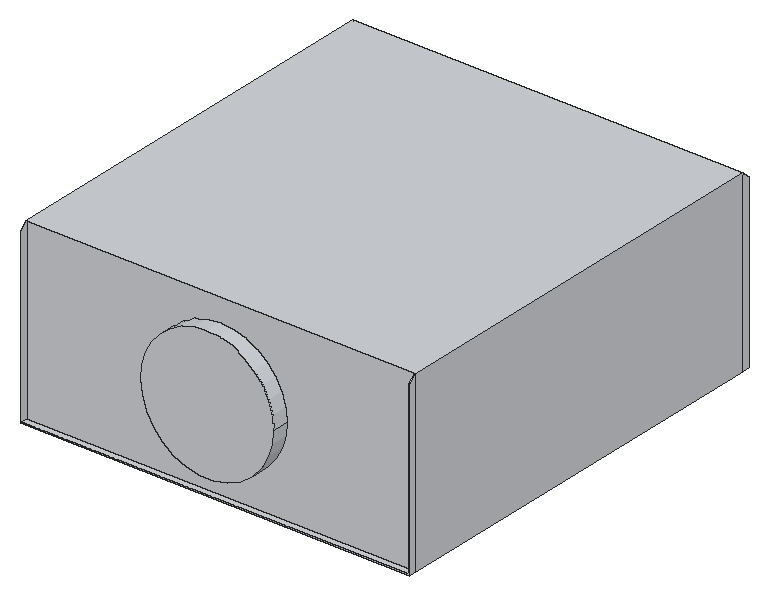
Revit family "CADS_Vent-Axia_MechEquip_Fan_QPTW_QuietPackTwin - SUPPLY", category Mechanical Equipment, host Face, Revit 2020
Family settings
  Host = Face
  Round Connector Dimension = Use Diameter
  Classification = None
  Part Type = Normal
  OmniClass Number = 23.75.35.17.11
  OmniClass Title = Fans for Air Ductwork
  Cut with Voids When Loaded = No
  Shared = No
  Room Calculation Point = No
Parameters (values of type "QPTW400C")
  WorkingPressure = 0.0 Pa
  WarrantyStartDate [instance] = "1900-12-31T23:59:59"
  WarrantyPeriod = ""
  WarrantyIdentifier = "N/A"
  WarrantyGuarantorParts = "tech@vent-axia.com"
  WarrantyGuarantorLabor = "tech@vent-axia.com"
  WarrantyGuarantor = "Vent-Axia Limited"
  WarrantyEndDate [instance] = "1900-12-31T23:59:59"
  WarrantyContent = ""
  W = 0 mm
  Type Image = CADS_Vent-Axia_MechEquip_Fan_QPTW_QuietPackTwin.jpg
  TemperatureRange = ""
  TagNumber [instance] = "N/A"
  SustainabilityPerformance = ""
  Status = "New"
  SpigotCLHeight = NominalHeight / 2  # 268 mm
  Size = ""
  Shape = ""
  ServiceLifeType = ""
  ServiceLifeDuration = ""
  SerialNumber [instance] = "N/A"
  ReplacementCost = ""
  RatedVoltage = 0 V
  RatedCurrent = 0 A
  Quantity = 1
  ProductionYear = ""
  PressureCurve = ""
  PowerFactor = ""
  PointOfContact = ""
  OutOffset = 0 mm  # constant formula
  NumberOfPoles = 0
  NominalWidth = 1176 mm
  NominalLength = 1255 mm
  NominalHeight = 536 mm
  NominalFrequencyRange = ""
  NominalDiameter = 400 mm
  ModelReference = "QPTW400C QUIET PACK TWIN FAN"
  ModelNumber = "QPTW400C"
  Material = ""
  ManufacturerE-Mail = "tech@vent-axia.com"
  ManufacturerAddress = "Fleming Way\nCrawley \nRH10 9YX"
  L = NominalLength - 20 mm  # 1235 mm
  IsExtendedWarranty = no
  InsulationStandardClass = ""
  InstallationDate [instance] = "1900-12-31T23:59:59"
  IfcExportType [instance] = ""
  IfcExportAs [instance] = "IfcFanType"
  IP_Code = ""
  HasProtectiveEarth = no
  H = 0 mm
  GrossWeight = 0.00 kg
  Grade = ""
  GlobalTradeItemNumber [instance] = "N/A"
  Fitting Type = "Ignore"
  Finish = ""
  Features = ""
  ExteriorInsulation = no
  ExpectedServiceLife = 0
  Exclusions = ""
  EBVoffset = 80.486 mm
  EBHoffset = 205.5 mm
  DurationUnit = "Year"
  Default Elevation = 1219.2 mm
  Constituents = ""
  ConductorFunction = ""
  Color = ""
  CodePerformance = ""
  Category = ""
  CADS_Usage = 0
  CADS_Index = 0
  AssetType = "FIXED"
  AssetIdentifier [instance] = "N/A"
  AssemblyPlace = "UNKNOWN"
  ArticleNumber [instance] = "N/A"
  AirflowRateRange = 0.0 L/s
  Air Flow = 0.0 L/s
  AccessibilityPerformance = ""
Types (7, lengths in mm): name | Type Image | SpigotCLHeight | NominalWidth | NominalLength | NominalHeight | NominalDiameter | ModelReference | ModelNumber | L
  QPTW100C | <None> | 128 | 622 | 610 | 256 | 100 | "QPTW100C QUIET PACK TWIN FAN" | "QPTW100C" | 590
  QPTW125C | <None> | 128 | 622 | 610 | 256 | 125 | "QPTW125C QUIET PACK TWIN FAN" | "QPTW125C" | 590
  QPTW150C | <None> | 128 | 622 | 610 | 256 | 150 | "QPTW150C QUIET PACK TWIN FAN" | "QPTW150C" | 590
  QPTW160C | <None> | 128 | 622 | 610 | 256 | 160 | "QPTW160C QUIET PACK TWIN FAN" | "QPTW160C" | 590
  QPTW250C | <None> | 177 | 829 | 925 | 354 | 250 | "QPTW250C QUIET PACK TWIN FAN" | "QPTW250C" | 905
  QPTW315C | <None> | 268 | 1176 | 1255 | 536 | 315 | "QPTW315C QUIET PACK TWIN FAN" | "QPTW315C" | 1235
  QPTW400C | CADS_Vent-Axia_MechEquip_Fan_QPTW_QuietPackTwin.jpg | 268 | 1176 | 1255 | 536 | 400 | "QPTW400C QUIET PACK TWIN FAN" | "QPTW400C" | 1235
Reference planes
  plane 1 "Center (Front/Back)": y = 0
  plane 2: z = 0
  plane 3 "Center (Left/Right)": x = 0
  plane 4 "Left Face": x = -588
  plane 5 "out face": y = -617.5
  plane 6 "right face": x = 588
  plane 7 "in face": y = 617.5
  plane 8: x = 0
  plane 9: z = 268
  plane 10 "top face": z = 536
  plane 11: y = -637.5
  plane 12: y = 637.5
  plane 13: x = 608
Forms (mm)
  Extrusion 1, solid
    sketch origin (0, 0, 0) x (1, 0, 0) y (0, 1, 0)
      loop
        line (-588, 617.5) -> (-588, -617.5) -> (588, -617.5) -> (588, 617.5) -> (-588, 617.5)
    from 0 to 536 <- "NominalHeight"
  Extrusion 2, solid
    sketch origin (0, -617.5, 0) x (1, 0, 0) y (0, 0, 1)
      loop
        circle (0, 268) r 200
    from 0 to 50
  Extrusion 3, solid
    sketch origin (0, 617.5, 0) x (1, 0, 0) y (0, 0, -1)
      loop
        circle (0, -268) r 200
    from 0 to 51.496
  Sweep 4, solid
    path origin (0, -617.5, 0) x (1, 0, 0) y (0, 0, 1)
      loop
        line (-588, 536) -> (-588, 0) -> (588, 0) -> (588, 536)
    profile origin (-588, -617.5, 268) x (0, -1, 0) y (1, 0, 0)
      loop
        line (0, 0) -> (20, 0) -> (20, 3) -> (0, 3) -> (0, 0)
  Sweep 5, solid
    path origin (0, 617.5, 0) x (1, 0, 0) y (0, 0, 1)
      loop
        line (588, 536) -> (588, 0) -> (-588, 0) -> (-588, 536)
    profile origin (588, 617.5, 268) x (0, 1, 0) y (-1, 0, 0)
      loop
        line (20, 3) -> (0, 3) -> (0, 0) -> (20, 0) -> (20, 3)
  Sweep 6, void
    path origin (0, 0, 536) x (1, 0, 0) y (0, 1, 0)
      loop
        line (-588, -637.5) -> (608, -637.5) -> (608, 637.5) -> (-588, 637.5)
    profile origin (10, -637.5, 536) x (0, 1, 0) y (0, 0, 1)
      loop
        line (20, 0) -> (0, 0) -> (0, -20) -> (20, 0)
Cuts and joins
  Sweep 6 cuts Sweep 4
  Sweep 6 cuts Sweep 5
  joined: Sweep 4, Sweep 5
  Sweep 6 cuts Extrusion 1
Lines and regions (mm)
  model lines
    curve 1: line (0, 0, 536) -> (0, 100, 536)
    curve 2: line (0, 0, 536) -> (-9.059, 33.807, 536)
    curve 3: line (0, 0, 536) -> (9.059, 33.807, 536)
  model lines, not visible
    curve 4: line (0, 0, 536) -> (0, 100, 536)
    curve 5: line (0, 0, 536) -> (-9.059, 33.807, 536)
    curve 6: line (0, 0, 536) -> (9.059, 33.807, 536)
Dimensions and locks
  "NominalWidth": plane 4 "Left Face" to plane 6 "right face"
  equal spacing: plane 4 "Left Face", plane 3 "Center (Left/Right)", plane 6 "right face"
  "L": plane 5 "out face" to plane 7 "in face"
  equal spacing: plane 5 "out face", plane 1 "Center (Front/Back)", plane 7 "in face"
  "OutOffset": plane 8 to plane 3 "Center (Left/Right)"
  "SpigotCLHeight": plane 9 to plane 2
  plane 8 to Extrusion 2 sketch curve = 0 mm
  Extrusion 3 sketch curve to plane 9 = 0 mm
  Extrusion 2 sketch curve to plane 9 = 0 mm
  Extrusion 3 sketch curve to plane 8 = 0 mm
  "NominalHeight": level to plane 10 "top face"
  plane 5 "out face" to plane 11 = 20 mm
  plane 7 "in face" to plane 12 = 20 mm
  plane 6 "right face" to plane 13 = 20 mm
  "NominalDiameter": diameter of Extrusion 2 sketch curve
  "NominalDiameter": diameter of Extrusion 3 sketch curve
  aligned and locked: plane 2 to host face
  aligned and locked: level to host face
  aligned and locked: Sweep 4 sketch curve to plane 6 "right face"
  aligned and locked: Sweep 4 sketch curve to plane 4 "Left Face"
  aligned and locked: Sweep 6 sketch curve to plane 12
  aligned and locked: Sweep 6 sketch curve to plane 13
  aligned and locked: profile plane to Sweep 4 sketch curve
  aligned and locked: plane 11 to Sweep 4 sketch curve
  aligned and locked: plane 3 "Center (Left/Right)" to curve 1
  aligned and locked: plane 1 "Center (Front/Back)" to curve 3
Automatic sketch dimensions
  host sketch curve to host sketch curve = 2438.4 mm  (x2)
  Extrusion 1 sketch curve to plane 4 "Left Face" = 0 mm
  Extrusion 1 sketch curve to plane 5 "out face" = 0 mm
  Extrusion 1 sketch curve to plane 6 "right face" = 0 mm
  plane 7 "in face" to Extrusion 1 sketch curve = 0 mm
  profile plane to Sweep 4 sketch curve = 0 mm
  Sweep 4 sketch curve to profile plane = 3 mm
  Sweep 5 sketch curve to profile plane = 3 mm
  plane 7 "in face" to Sweep 5 sketch curve = 20 mm
  profile plane to Sweep 5 sketch curve = 0 mm
  Sweep 5 sketch curve to Sweep 5 sketch curve = 20 mm
  Sweep 6 sketch curve to plane 4 "Left Face" = 0 mm  (x2)
  Sweep 6 sketch curve to plane 11 = 0 mm
  Sweep 6 sketch curve to plane 10 "top face" = 0 mm
  Sweep 6 sketch curve to profile plane = 0 mm
  Sweep 6 sketch curve to Sweep 6 sketch curve = 20 mm  (x2)
  Sweep 4 sketch curve to level = 0 mm
  Sweep 4 sketch curve to plane 10 "top face" = 0 mm  (x2)
  Sweep 5 sketch curve to level = 0 mm
  Sweep 5 sketch curve to plane 4 "Left Face" = 0 mm
  plane 6 "right face" to Sweep 5 sketch curve = 0 mm
  Sweep 5 sketch curve to plane 10 "top face" = 0 mm  (x2)
Connectors
  hvac at (0, -667.5, 268), driven by "NominalDiameter", driven by "Air Flow"
    settings: on Extrusion 2, index 1, duct flow 0.0 L/s, flow factor 0, pres drop 0.0 Pa, loss coef 0, conn angle 0.00°, conn width 304.8 mm, conn height 304.8 mm, conn diameter 400 mm, duct sys type 1, conn prof type 0, flow config 0, flow direction 2, loss method 0, conn ref index -1, conn util no, is conn primary yes, conn desc ""
  hvac at (0, 668.996, 268), driven by "NominalDiameter", driven by "Air Flow"
    settings: on Extrusion 3, index 2, duct flow 0.0 L/s, flow factor 0, pres drop 0.0 Pa, loss coef 0, conn angle 0.00°, conn width 304.8 mm, conn height 304.8 mm, conn diameter 400 mm, duct sys type 1, conn prof type 0, flow config 1, flow direction 1, loss method 0, conn ref index -1, conn util no, is conn primary no, conn desc ""
